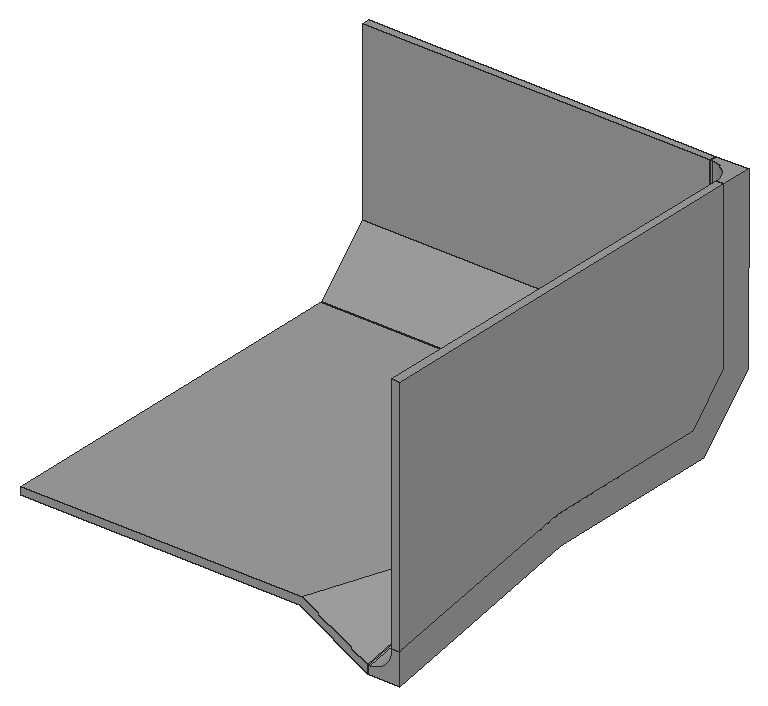
Revit family "2100.102 Kickout Flashing Chamfer", category Plumbing Fixtures, Revit 2016
Family settings
  Part Type = Normal
  Round Connector Dimension = Use Diameter
  OmniClass Number = 23.60.30.11
  OmniClass Title = Pipework Products for General Use
  Work Plane-Based = No
  Always vertical = Yes
  Cut with Voids When Loaded = No
  Shared = No
  Room Calculation Point = No
Parameters (values of type "2100.102 RH")
  URL = "www.aquaknight.co.nz"
  Phone = "+6498322214"  # constant formula
  Model = "2100.102"
  Material = Aquanight-Grey
  Manufacturer = "Aquanight Industries Ltd"  # constant formula
  Is RH = not(Is LH)  # yes
  Is LH = no
  Email = "info@aquaknight.co.nz"  # constant formula
  Description = "Rigth Hand Butynol Kickout Flashing Grey"
Types (3, lengths in mm): name | Is RH | Is LH | Description
  (no name) | yes | no | "Rigth Hand Butynol Kickout Flashing Grey"
  2100.102 LH | no | yes | "Left Hand Butynol Kickout Flashing Grey"
  2100.102 RH | yes | no | "Rigth Hand Butynol Kickout Flashing Grey"
Reference planes
  plane 1 "Center (Front/Back)": y = 0
  plane 2: z = 0
  plane 3 "Center (Left/Right)": x = 0
  plane 4: x = -85
  plane 5: x = 85
  plane 6: y = -97.5
  plane 7: y = 97.5
  plane 8: z = 105
Forms (mm)
  Extrusion 1, solid, material "Aquanight-Grey" <- "Material", visible <- "Is LH"
    sketch origin (-1508.652, -519.47, 1200) x (-0.945519, -0.325568, 0) y (0, 0, 1)
      loop
        line (-1706.947, -1196.5) -> (-1706.947, -1200) -> (-1526.003, -1200) -> (-1497.123, -1217) -> (-1497.123, -1213.438) -> (-1525.032, -1196.5) -> (-1706.947, -1196.5)
    from -123.481 to 130.103
  Sweep 2, solid, material "Aquanight-Grey" <- "Material", visible <- "Is LH"
    path origin (0, 0, 0) x (0, 1, 0) y (0, 0, 1)
      loop
        line (-97.5, -17) -> (-7.5, 0) -> (72.5, 0) -> (97.5, 25) -> (97.5, 105)
    profile origin (0, 32.5, 0) x (0, 0, 1) y (1, 0, 0)
      loop
        line (0, -70.559) -> (0, -85) -> (13.5, -85) -> (13.5, -81.5)
        arc (13.5, -81.5) -> (6.429, -78.571) -> (3.5, -71.5) r 10
        line (3.5, -71.5) -> (3.5, -70.559) -> (0, -70.559)
  Extrusion 3, void
    sketch origin (0, 0, 0) x (1, 0, 0) y (0, 1, 0)
      loop
        line (85, -97.5) -> (85, 71.05) -> (-70.559, 71.05) -> (-70.559, -97.5) -> (85, -97.5)
      loop
        line (-204.326, 189.677) -> (-204.326, -170.323) -> (185.674, -170.323) -> (185.674, 189.677) -> (-204.326, 189.677)
    from -72.981 to 250
  Extrusion 4, solid, material "Aquanight-Grey" <- "Material", visible <- "Is LH"
    sketch origin (-70.559, -97.5, -17) x (0, 0.982624, 0.185607) y (0, -0.185607, 0.982624)
      loop
        line (210.817, 84.336) -> (196.237, 7.151) -> (169.426, -11.14) -> (168.777, -14.579) -> (170.201, -14.849) -> (199.407, 5.077) -> (214.256, 83.687) -> (210.817, 84.336)
    from 0 to 155.559
  Extrusion 5, solid, material "Aquanight-Grey" <- "Material", visible <- "Is LH"
    sketch origin (-85, -100.006, -3.735) x (0, 0.982624, 0.185607) y (0, 0.185607, -0.982624)
      loop
        line (187.18, 0.423) -> (167.212, 14.045) -> (92.855, 0) -> (2.55, 0) -> (22.644, -106.38) -> (200.99, -72.693) -> (187.18, 0.423)
    from 0 to -3.5
  Extrusion 6, void
    sketch origin (-85, -97.5, 105) x (0, 0, -1) y (1, 0, 0)
      loop
        line (103.415, -6.877) -> (124.818, -6.877) -> (124.818, 180) -> (103.415, 180) -> (103.415, -6.877)
    from 0 to 72.823
  Extrusion 7, solid, material "Aquanight-Grey" <- "Material", visible <- "Is RH"
    sketch origin (1508.652, -519.47, 1200) x (0.945519, -0.325568, 0) y (0, 0, -1)
      loop
        line (-1706.947, 1196.5) -> (-1525.032, 1196.5) -> (-1497.123, 1213.438) -> (-1497.123, 1217) -> (-1526.003, 1200) -> (-1706.947, 1200) -> (-1706.947, 1196.5)
    from -123.481 to 130.103
  Extrusion 8, void
    sketch origin (0, 0, 0) x (-1, 0, 0) y (0, -1, 0)
      loop
        line (85, 97.5) -> (-70.559, 97.5) -> (-70.559, -71.05) -> (85, -71.05) -> (85, 97.5)
      loop
        line (-204.326, -189.677) -> (185.674, -189.677) -> (185.674, 170.323) -> (-204.326, 170.323) -> (-204.326, -189.677)
    from -72.981 to 250
  Sweep 9, solid, material "Aquanight-Grey" <- "Material", visible <- "Is RH"
    path origin (0, 0, 0) x (0, 1, 0) y (0, 0, -1)
      loop
        line (-97.5, 17) -> (-7.5, 0) -> (72.5, 0) -> (97.5, -25) -> (97.5, -105)
    profile origin (0, 32.5, 0) x (0, 0, -1) y (-1, 0, 0)
      loop
        line (0, -70.559) -> (-3.5, -70.559) -> (-3.5, -71.5)
        arc (-3.5, -71.5) -> (-6.429, -78.571) -> (-13.5, -81.5) r 10
        line (-13.5, -81.5) -> (-13.5, -85) -> (0, -85) -> (0, -70.559)
  Extrusion 10, solid, material "Aquanight-Grey" <- "Material", visible <- "Is RH"
    sketch origin (85, -100.006, -3.735) x (0, 0.982624, 0.185607) y (0, -0.185607, 0.982624)
      loop
        line (187.18, -0.423) -> (200.99, 72.693) -> (22.644, 106.38) -> (2.55, 0) -> (92.855, 0) -> (167.212, -14.045) -> (187.18, -0.423)
    from 0 to -3.5
  Extrusion 11, solid, material "Aquanight-Grey" <- "Material", visible <- "Is RH"
    sketch origin (0, 0, 0) x (0, 1, 0) y (0, 0, 1)
      loop
        line (97.5, 25) -> (97.5, 105) -> (94, 105) -> (94, 26.45) -> (71.05, 3.5) -> (71.05, 0) -> (72.5, 0) -> (97.5, 25)
    from -85 to 70.559
  Extrusion 12, void
    sketch origin (0, 0, 0) x (-1, 0, 0) y (0, -1, 0)
      loop
        line (85, 97.5) -> (-70.559, 97.5) -> (-70.559, -71.05) -> (85, -71.05) -> (85, 97.5)
      loop
        line (-204.326, -189.677) -> (185.674, -189.677) -> (185.674, 170.323) -> (-204.326, 170.323) -> (-204.326, -189.677)
    from -72.981 to 250
  Extrusion 13, solid, material "Aquanight-Grey" <- "Material", visible <- "Is LH"
    sketch origin (-70.559, -97.5, -17) x (0, 0.982624, 0.185607) y (0, -0.185607, 0.982624)
      loop
        line (210.817, 84.336) -> (196.237, 7.151) -> (169.426, -11.14) -> (168.777, -14.579) -> (170.201, -14.849) -> (199.407, 5.077) -> (214.256, 83.687) -> (210.817, 84.336)
    from 0 to 155.559
Cuts and joins
  Extrusion 6 cuts Sweep 2
  Extrusion 8 cuts Extrusion 4
  joined: Sweep 2, Extrusion 4, Extrusion 5
  Extrusion 6 cuts Sweep 9
  Extrusion 3 cuts Extrusion 1
  Extrusion 12 cuts Extrusion 7
Dimensions and locks
  aligned and locked: level to plane 2
